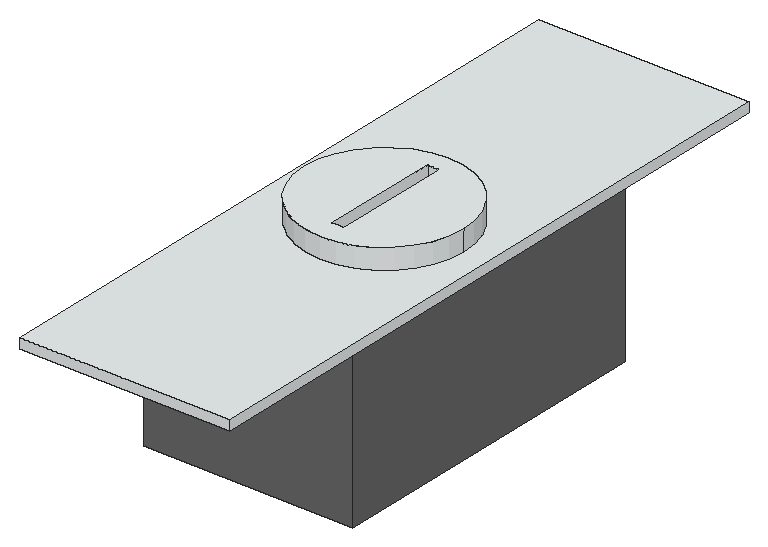
Revit family "Switch_Key-Lock_Leviton_Key-Locking", category Electrical Fixtures, Revit 2023
Family settings
  Round Connector Dimension = Use Diameter
  Part Type = Normal
  Work Plane-Based = Yes
  Always vertical = No
  Cut with Voids When Loaded = No
  Maintain Annotation Orientation = No
  Shared = No
  Room Calculation Point = No
Parameters
  offset [instance] = 0' - 0"
  Warranty Duration (Years) = 0
  Voltage_MEP = 0 V
  Unit Width = 0' - 1 79/256"
  Unit Height = 0' - 4 15/256"
  Unit Depth = 0' - 0 31/32"
  URL = "http://www.leviton.com/OA_HTML/Home.jsp?minisite=10251&respid=22372"
  Termination = "as Specified"
  Switch Height = 0' - 1"
  Standards Conformance = "as Specified"
  Specification = ""
  SpecWizard = ""
  Send Message = "http://www.arcat.com/users.pl?action=UserEmail&company=Leviton+Mfg.+Co.,+Inc.&coid=41690&rep=117&fax=631-812-6252&mf="
  Screw Mounts Location = 0' - 3 9/32"
  Sales Information = "http://www.leviton.com/OA_HTML/SectionDisplay.jsp?section=37579&minisite=10251"
  Revision = "R1_10-2012"
  Projection From Host = 0' - 0 3/16"
  Product Properties = ""
  Product Data = "http://arcat.com/arcatcos/cos41/arc41690.html?isac=1&r=1"
  Number of Poles = 1
  Model = "As Specified"
  Maximum Amperage = 0
  Manufacturer Website = "http://www.leviton.com/OA_HTML/Home.jsp?minisite=10251&respid=22372"
  Manufacturer Phone - Toll Free = "800-323-8920"
  Manufacturer Phone = ""
  Manufacturer Fax = "631-812-6252"
  Manufacturer Address = "201 N. Service Rd. Melville, NY 11747"
  Manufacturer = "Leviton Mfg. Co., Inc."
  Maintenance Schedule (Months) = 0
  MEP Apparent Power = 0 VA
  MEP Amperage = 0 A
  Grounding = "as Specified"
  Backing Color = Thermoplastic - Leviton - Black
  Keynote = "16140"
  Installation-Fabrication = ""
  Installation Phase = "Electrical Wiring"
  HP Rating = "as Specified"
  Green Building-LEED = ""
  Fixture Material = Steel - Leviton - Nickel Plated
  Fixture Grade = "as Specified"
  Fixture Application = "as Specified"
  Expected Lifespan (Years) = 0
  Drawn By = "Sumex Design, Inc. / Robert S. Weygant, CSI, CDT, SCIP"
  Description = "Leviton Product as Specified"
  Default Elevation = 4' - 0"
  Copyright = "©Arcat Inc."
  Construction Details = ""
  Fixture Height = 0' - 2 31/256"
  Assembly Code = "D5020100"
  Acceptable Loads = "as Specified"
Reference planes (in)
  plane 1 "Center (Front/Back)": y = 0
  plane 2 "Bottom": z = 0
  plane 3 "Center (Left/Right)": x = 0
  plane 4 "Front": y = -2.0293
  plane 5 "Back": y = 2.0293
  plane 6 "Left": x = -0.6543
  plane 7 "Right": x = 0.6543
  plane 8 "Top": z = 0.1875
  plane 9: z = -0.96875
  plane 10: y = 1.06055
  plane 11: y = -1.06055
  plane 12: y = 1.64062
  plane 13: y = -1.64063
Forms (in)
  Extrusion 1, solid, material "Steel - Leviton - Nickel Plated" <- "Fixture Material"
    sketch origin (0, 0, 0) x (1, 0, 0) y (0, 1, 0)
      loop
        line (-0.6543, 2.0293) -> (-0.6543, -2.0293) -> (0.6543, -2.0293) -> (0.6543, 2.0293) -> (-0.6543, 2.0293)
    from 0 to 0.0625
  Extrusion 2, solid, material "Thermoplastic - Leviton - Black" <- "Backing Color"
    sketch origin (0, 0, 0) x (1, 0, 0) y (0, 1, 0)
      loop
        line (-0.6543, 1.06055) -> (-0.6543, -1.06055) -> (0.6543, -1.06055) -> (0.6543, 1.06055) -> (-0.6543, 1.06055)
    from 0 to -0.96875
  Extrusion 3, solid, material "Steel - Leviton - Nickel Plated" <- "Fixture Material"
    sketch origin (0, 0, 0) x (1, 0, 0) y (0, 1, 0)
      loop
        circle (0, 0) r 0.5
      loop
        line (-0.0409, 0.38818) -> (-0.0409, -0.36182) -> (0.03896, -0.36182) -> (0.03896, 0.38818) -> (-0.0409, 0.38818)
    from 0 to 0.1875
Dimensions and locks (in)
  equal spacing: plane 6 "Left", plane 3 "Center (Left/Right)", plane 7 "Right"
  "Unit Width": plane 6 "Left" to plane 7 "Right"
  equal spacing: plane 5 "Back", plane 1 "Center (Front/Back)", plane 4 "Front"
  "Unit Height": plane 5 "Back" to plane 4 "Front"
  "Projection From Host": plane 8 "Top" to level
  "Unit Depth": level to plane 9
  equal spacing: plane 10, plane 1 "Center (Front/Back)", plane 11
  "Fixture Height": plane 10 to plane 11
  equal spacing: plane 12, plane 1 "Center (Front/Back)", plane 13
  "Screw Mounts Location": plane 12 to plane 13
  aligned and locked: plane 6 "Left" to Extrusion 1 sketch curve
  aligned and locked: Extrusion 1 sketch curve to plane 5 "Back"
  aligned and locked: plane 4 "Front" to Extrusion 1 sketch curve
  aligned and locked: Extrusion 1 sketch curve to plane 7 "Right"
  aligned and locked: plane 6 "Left" to Extrusion 2 sketch curve
  aligned and locked: Extrusion 2 sketch curve to plane 10
  aligned and locked: plane 11 to Extrusion 2 sketch curve
  aligned and locked: Extrusion 2 sketch curve to plane 7 "Right"
  aligned and locked: Extrusion 2 to plane 9
  aligned and locked: level to Extrusion 2
  aligned and locked: plane 8 "Top" to Extrusion 3
Automatic sketch dimensions
  Extrusion 3 sketch curve to plane 1 "Center (Front/Back)" = 0' - 0"
  Extrusion 3 sketch curve to plane 3 "Center (Left/Right)" = 0' - 0"
  Extrusion 3 sketch curve to plane 3 "Center (Left/Right)" = 0' - 0.0409"
  plane 3 "Center (Left/Right)" to Extrusion 3 sketch curve = 0' - 0.03896"
  plane 1 "Center (Front/Back)" to Extrusion 3 sketch curve = 0' - 0.36182"
  Extrusion 3 sketch curve to plane 1 "Center (Front/Back)" = 0' - 0.38818"
  radius of Extrusion 3 sketch curve = 0' - 0 1/2"
Connectors (in)
  electrical at (0, 0, 0)
    settings: index 1, voltage 0 V, apparent load 0 VA, apparent load phase1 0 VA, apparent load phase2 0 VA, apparent load phase3 0 VA, power factor 1, load classification "Other", number of poles 1, system type 31, power factor state 1, is connector primary yes, connector utility no, sub classification motor no, connector description ""
